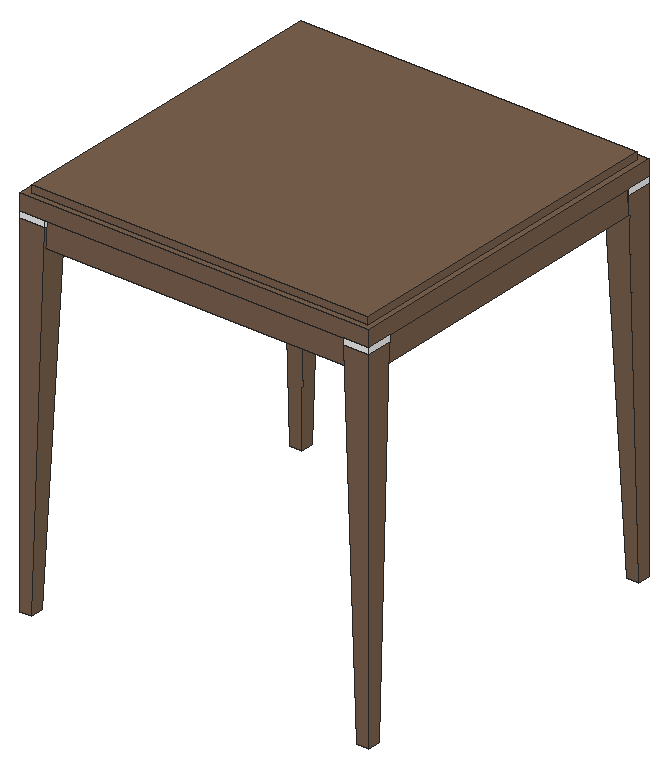
Revit family "FU_Table_Sandler_TOFFEE 3-0", category Furniture, Revit 2022
Family settings
  OmniClass Number = 23.21.23.15.17
  Work Plane-Based = Yes
  Always vertical = No
  Cut with Voids When Loaded = No
  Render Appearance Source = Family Geometry
  Shared = No
  Room Calculation Point = No
Parameters (values of type "TOFFEE 3.0")
  Youtube clip = ""
  Width = 550.000 mm
  Uniformat II Description = "Movable Furnishings"
  Uniformat II Code = ""
  Uniclass 2015 Name = ""
  Uniclass 2015 Code = ""
  Uniclass 2.0 Description = ""
  Uniclass 2.0 Code = ""
  Uniclass 1.4 Description = ""
  Uniclass 1.4 Code = ""
  URL = "https://www.sandlerseating.com/product/toffee-3-0/"
  UNSPSC Code = ""
  Technical description = ""
  Inlay [instance] = Wood - Beech - 9003 White Matt
  Height = 600.000 mm
  Frame [instance] = Wood - Beech - Walnut
  Region South America = "All"
  Region Oceania = "All"
  Region North America = "All"
  Region Middle East = "All"
  Region Europe = "All"
  Region Asia = "All"
  Region Antarctica = "All"
  Region Africa = "All"
  QR code = "https://www.sandlerseating.com/product/toffee-3-0/"
  Product url = "https://www.sandlerseating.com/product/toffee-3-0/"
  Product name = "TOFFEE"
  Product group = "Table"
  Product family = "Furniture"
  Product data url = "https://www.sandlerseating.com/product/toffee-3-0/"
  Product certification = ""
  Product SKU = "??"
  Product Guid = "??"
  OmniClass Description = ""
  OmniClass Code = "23-21 23 15 17"
  NBS Reference Description = ""
  NBS Reference Code = ""
  Model = "TOFFEE 3.0"
  Masterformat 2014 Description = "Table Mats"
  Masterformat 2014 Code = "12 48 43.13"
  Manufacturer name = "Sandler"
  Manufacturer country = "USA"
  Manufacturer = "Sandler"
  Installation instructions = ""
  IFC Classification = "Furnishing Element"
  GTIN code = ""
  Edition number = 1
  Design country = ""
  Description = "Solid beech square side table with detailing at the top of legs."
  Depth = 550.000 mm
  Default Elevation = 0.000 mm
  Date of publishing = ""
  COBIe Type Category = ""
  Brand url = "https://www.sandlerseating.com/"
  BIMobject main category code = "furniture"
  BIMobject main category = "Furniture"
  BIMobject category code = "furniture-table"
  BIMobject category = "Table"
Reference planes
  plane 1 "Center Front/Back": y = 0
  plane 2: z = 0
  plane 3 "Center Left/Right": x = 0
  plane 4 "Right": x = -275
  plane 5 "Left": x = 275
  plane 6 "Back": y = 275
  plane 7 "Front": y = -275
  plane 8 "Height": z = 600
Forms (mm)
  Blend 1, solid, material "Wood - Beech - Walnut" <- "Frame"
    base sketch origin (0, 0, 0) x (1, 0, 0) y (0, 1, 0)
      loop
        line (235.552, -235.63) -> (235.552, -275) -> (275, -275) -> (275, -235.63) -> (235.552, -235.63)
    top sketch origin (0, 0, 0) x (1, 0, 0) y (0, 1, 0)
      loop
        line (275, -275) -> (275, -256.075) -> (256.005, -256.075) -> (256.005, -275) -> (275, -275)
    from 555 to 0
  Extrusion 2, solid, material "Wood - Beech - Walnut" <- "Frame"
    sketch origin (0, 0, 600) x (-1, 0, 0) y (0, -1, 0)
      loop
        line (275, -275) -> (275, 275) -> (-275, 275) -> (-275, -275) -> (275, -275)
    from -10 to -35
  Extrusion 3, solid, material "Wood - Beech - Walnut" <- "Frame"
    sketch origin (0, 0, 600) x (-1, 0, 0) y (0, -1, 0)
      loop
        line (275, -275) -> (275, 275) -> (-275, 275) -> (-275, -275) -> (275, -275)
    from -10 to 0
  Extrusion 4, solid, material "Wood - Beech - Walnut" <- "Frame"
    sketch origin (0, 0, 600) x (-1, 0, 0) y (0, -1, 0)
      loop
        line (270, -273) -> (270, -275) -> (275, -275) -> (275, -270) -> (273, -270) -> (273, 270) -> (275, 270) -> (275, 275) -> (270, 275) -> (270, 273) -> (-270, 273) -> (-270, 275) -> (-275, 275) -> (-275, 270) -> (-273, 270) -> (-273, -270) -> (-275, -270) -> (-275, -275) -> (-270, -275) -> (-270, -273) -> (270, -273)
      loop
        line (253, -253) -> (253, 253) -> (-253, 253) -> (-253, -253) -> (253, -253)
    from -35 to -75
  Extrusion 5, void
    sketch origin (0, 0, 600) x (-1, 0, 0) y (0, -1, 0)
      loop
        line (265, -265) -> (265, 265) -> (-265, 265) -> (-265, -265) -> (265, -265)
      loop
        line (275, -275) -> (275, 275) -> (-275, 275) -> (-275, -275) -> (275, -275)
    from 0 to -10
  Blend 6, void
    base sketch origin (0, 0, 600) x (-1, 0, 0) y (0, -1, 0)
      loop
        line (-236.657, 236.736) -> (-236.657, 280) -> (-280, 280) -> (-280, 236.736) -> (-236.657, 236.736)
    top sketch origin (0, 0, 600) x (-1, 0, 0) y (0, -1, 0)
      loop
        line (-280, 280) -> (-280, 235) -> (-235, 235) -> (-235, 280) -> (-280, 280)
    from -75 to -35
  Blend 7, solid, material "Wood - Beech - Walnut" <- "Frame"
    base sketch origin (0, 0, 0) x (1, 0, 0) y (0, 1, 0)
      loop
        line (235.552, 235.63) -> (275, 235.63) -> (275, 275) -> (235.552, 275) -> (235.552, 235.63)
    top sketch origin (0, 0, 0) x (1, 0, 0) y (0, 1, 0)
      loop
        line (275, 275) -> (256.005, 275) -> (256.005, 256.075) -> (275, 256.075) -> (275, 275)
    from 555 to 0
  Blend 8, solid, material "Wood - Beech - Walnut" <- "Frame"
    base sketch origin (0, 0, 0) x (-1, 0, 0) y (0, -1, 0)
      loop
        line (235.552, 235.63) -> (275, 235.63) -> (275, 275) -> (235.552, 275) -> (235.552, 235.63)
    top sketch origin (0, 0, 0) x (-1, 0, 0) y (0, -1, 0)
      loop
        line (275, 275) -> (256.005, 275) -> (256.005, 256.075) -> (275, 256.075) -> (275, 275)
    from 555 to 0
  Blend 9, solid, material "Wood - Beech - Walnut" <- "Frame"
    base sketch origin (0, 0, 0) x (-1, 0, 0) y (0, -1, 0)
      loop
        line (235.552, -235.63) -> (235.552, -275) -> (275, -275) -> (275, -235.63) -> (235.552, -235.63)
    top sketch origin (0, 0, 0) x (-1, 0, 0) y (0, -1, 0)
      loop
        line (275, -275) -> (275, -256.075) -> (256.005, -256.075) -> (256.005, -275) -> (275, -275)
    from 555 to 0
  Extrusion 10, solid, material "Wood - Beech - 9003 White Matt" <- "Inlay"
    sketch origin (0, 0, 600) x (-1, 0, 0) y (0, -1, 0)
      loop
        line (275, -275) -> (275, -235) -> (235, -235) -> (235, -275) -> (275, -275)
      loop
        line (-275, -275) -> (-235, -275) -> (-235, -235) -> (-275, -235) -> (-275, -275)
      loop
        line (275, 275) -> (235, 275) -> (235, 235) -> (275, 235) -> (275, 275)
      loop
        line (-275, 275) -> (-275, 235) -> (-235, 235) -> (-235, 275) -> (-275, 275)
    from -35 to -45
  Blend 11, void
    base sketch origin (0, 0, 600) x (-1, 0, 0) y (0, -1, 0)
      loop
        line (-236.657, -236.736) -> (-280, -236.736) -> (-280, -280) -> (-236.657, -280) -> (-236.657, -236.736)
    top sketch origin (0, 0, 600) x (-1, 0, 0) y (0, -1, 0)
      loop
        line (-280, -280) -> (-235, -280) -> (-235, -235) -> (-280, -235) -> (-280, -280)
    from -75 to -35
  Blend 12, void
    base sketch origin (0, 0, 600) x (1, 0, 0) y (0, 1, 0)
      loop
        line (-236.657, -236.736) -> (-280, -236.736) -> (-280, -280) -> (-236.657, -280) -> (-236.657, -236.736)
    top sketch origin (0, 0, 600) x (1, 0, 0) y (0, 1, 0)
      loop
        line (-280, -280) -> (-235, -280) -> (-235, -235) -> (-280, -235) -> (-280, -280)
    from -75 to -35
  Blend 13, void
    base sketch origin (0, 0, 600) x (1, 0, 0) y (0, 1, 0)
      loop
        line (-236.657, 236.736) -> (-236.657, 280) -> (-280, 280) -> (-280, 236.736) -> (-236.657, 236.736)
    top sketch origin (0, 0, 600) x (1, 0, 0) y (0, 1, 0)
      loop
        line (-280, 280) -> (-280, 235) -> (-235, 235) -> (-235, 280) -> (-280, 280)
    from -75 to -35
Cuts and joins
  Extrusion 5 cuts Extrusion 3
  Blend 6, Blend 11, Blend 12, Blend 13 cuts Extrusion 4
Dimensions and locks
  equal spacing: plane 4 "Right", plane 3 "Center Left/Right", plane 5 "Left"
  "Width": plane 4 "Right" to plane 5 "Left"
  equal spacing: plane 6 "Back", plane 1 "Center Front/Back", plane 7 "Front"
  "Depth": plane 6 "Back" to plane 7 "Front"
  "Height": plane 8 "Height" to level
  aligned and locked: level to plane 2
  aligned and locked: plane 4 "Right" to Extrusion 2
  aligned and locked: plane 6 "Back" to Extrusion 2
  aligned and locked: Extrusion 2 to plane 5 "Left"
  aligned and locked: Extrusion 2 to plane 7 "Front"
Automatic sketch dimensions
  Blend 1 sketch curve to plane 7 "Front" = 0.000 mm  (x2)
  Blend 1 sketch curve to plane 5 "Left" = 0.000 mm  (x2)
  plane 5 "Left" to Blend 1 sketch curve = 39.448 mm
  Blend 1 sketch curve to Blend 1 sketch curve = 39.370 mm
  plane 5 "Left" to Blend 1 sketch curve = 18.995 mm
  Blend 1 sketch curve to Blend 1 sketch curve = 18.925 mm
  Extrusion 2 sketch curve to plane 5 "Left" = 0.000 mm
  Extrusion 2 sketch curve to plane 4 "Right" = 0.000 mm
  Extrusion 2 sketch curve to plane 6 "Back" = 0.000 mm
  Extrusion 2 sketch curve to plane 7 "Front" = 0.000 mm
  Extrusion 3 sketch curve to plane 5 "Left" = 0.000 mm
  Extrusion 3 sketch curve to plane 4 "Right" = 0.000 mm
  Extrusion 3 sketch curve to plane 6 "Back" = 0.000 mm
  Extrusion 3 sketch curve to plane 7 "Front" = 0.000 mm
  Extrusion 4 sketch curve to plane 5 "Left" = 0.000 mm  (x2)
  Extrusion 4 sketch curve to plane 6 "Back" = 0.000 mm  (x2)
  Extrusion 4 sketch curve to plane 7 "Front" = 0.000 mm  (x2)
  Extrusion 4 sketch curve to plane 4 "Right" = 0.000 mm  (x2)
  Extrusion 4 sketch curve to Extrusion 4 sketch curve = 2.000 mm  (x2)
  Extrusion 4 sketch curve to Extrusion 4 sketch curve = 5.000 mm  (x3)
  plane 5 "Left" to Extrusion 4 sketch curve = 22.000 mm
  Extrusion 4 sketch curve to plane 4 "Right" = 22.000 mm
  Extrusion 4 sketch curve to plane 6 "Back" = 2.000 mm
  Extrusion 4 sketch curve to plane 4 "Right" = 5.000 mm
  Extrusion 4 sketch curve to plane 4 "Right" = 2.000 mm
  Extrusion 4 sketch curve to Extrusion 4 sketch curve = 3.000 mm
  Extrusion 4 sketch curve to plane 6 "Back" = 5.000 mm
  Extrusion 4 sketch curve to plane 6 "Back" = 22.000 mm
  plane 7 "Front" to Extrusion 4 sketch curve = 22.000 mm
  plane 7 "Front" to Extrusion 4 sketch curve = 5.000 mm  (x2)
  Extrusion 5 sketch curve to plane 5 "Left" = 0.000 mm
  Extrusion 5 sketch curve to plane 4 "Right" = 0.000 mm
  Extrusion 5 sketch curve to plane 6 "Back" = 0.000 mm
  Extrusion 5 sketch curve to plane 7 "Front" = 0.000 mm
  plane 5 "Left" to Extrusion 5 sketch curve = 10.000 mm
  Extrusion 5 sketch curve to plane 4 "Right" = 10.000 mm
  Extrusion 5 sketch curve to plane 6 "Back" = 10.000 mm
  plane 7 "Front" to Extrusion 5 sketch curve = 10.000 mm
  Blend 6 sketch curve to plane 5 "Left" = 5.000 mm  (x2)
  Blend 6 sketch curve to plane 7 "Front" = 5.000 mm  (x2)
  plane 5 "Left" to Blend 6 sketch curve = 38.343 mm
  plane 7 "Front" to Blend 6 sketch curve = 38.264 mm
  plane 5 "Left" to Blend 6 sketch curve = 40.000 mm
  plane 7 "Front" to Blend 6 sketch curve = 40.000 mm
  Blend 7 sketch curve to plane 6 "Back" = 0.000 mm  (x2)
  Blend 7 sketch curve to plane 5 "Left" = 0.000 mm  (x2)
  plane 5 "Left" to Blend 7 sketch curve = 39.448 mm
  Blend 7 sketch curve to plane 6 "Back" = 39.370 mm
  plane 5 "Left" to Blend 7 sketch curve = 18.995 mm
  Blend 7 sketch curve to plane 6 "Back" = 18.925 mm
  Blend 8 sketch curve to plane 7 "Front" = 0.000 mm  (x2)
  Blend 8 sketch curve to plane 4 "Right" = 0.000 mm  (x2)
  Blend 8 sketch curve to Blend 8 sketch curve = 39.448 mm
  plane 7 "Front" to Blend 8 sketch curve = 39.370 mm
  Blend 8 sketch curve to Blend 8 sketch curve = 18.995 mm
  plane 7 "Front" to Blend 8 sketch curve = 18.925 mm
  Blend 9 sketch curve to plane 6 "Back" = 0.000 mm  (x2)
  Blend 9 sketch curve to plane 4 "Right" = 0.000 mm  (x2)
  Blend 9 sketch curve to Blend 9 sketch curve = 39.448 mm
  Blend 9 sketch curve to plane 6 "Back" = 39.370 mm
  Blend 9 sketch curve to Blend 9 sketch curve = 18.995 mm
  Blend 9 sketch curve to plane 6 "Back" = 18.925 mm
  Extrusion 10 sketch curve to plane 5 "Left" = 0.000 mm  (x2)
  Extrusion 10 sketch curve to plane 6 "Back" = 0.000 mm  (x2)
  Extrusion 10 sketch curve to plane 7 "Front" = 0.000 mm  (x2)
  Extrusion 10 sketch curve to plane 4 "Right" = 0.000 mm  (x2)
  plane 5 "Left" to Extrusion 10 sketch curve = 40.000 mm  (x2)
  Extrusion 10 sketch curve to plane 4 "Right" = 40.000 mm
  Extrusion 10 sketch curve to Extrusion 10 sketch curve = 40.000 mm  (x2)
  Extrusion 10 sketch curve to plane 6 "Back" = 40.000 mm  (x2)
  plane 7 "Front" to Extrusion 10 sketch curve = 40.000 mm
  Blend 11 sketch curve to plane 5 "Left" = 5.000 mm  (x2)
  plane 6 "Back" to Blend 11 sketch curve = 5.000 mm  (x2)
  plane 5 "Left" to Blend 11 sketch curve = 38.343 mm
  Blend 11 sketch curve to plane 6 "Back" = 38.264 mm
  plane 5 "Left" to Blend 11 sketch curve = 40.000 mm
  Blend 11 sketch curve to plane 6 "Back" = 40.000 mm
  plane 4 "Right" to Blend 12 sketch curve = 5.000 mm  (x2)
  Blend 12 sketch curve to plane 7 "Front" = 5.000 mm  (x2)
  Blend 12 sketch curve to plane 4 "Right" = 38.343 mm
  plane 7 "Front" to Blend 12 sketch curve = 38.264 mm
  Blend 12 sketch curve to plane 4 "Right" = 40.000 mm
  plane 7 "Front" to Blend 12 sketch curve = 40.000 mm
  plane 4 "Right" to Blend 13 sketch curve = 5.000 mm  (x2)
  plane 6 "Back" to Blend 13 sketch curve = 5.000 mm  (x2)
  Blend 13 sketch curve to plane 4 "Right" = 38.343 mm
  Blend 13 sketch curve to plane 6 "Back" = 38.264 mm
  Blend 13 sketch curve to plane 4 "Right" = 40.000 mm
  Blend 13 sketch curve to plane 6 "Back" = 40.000 mm
